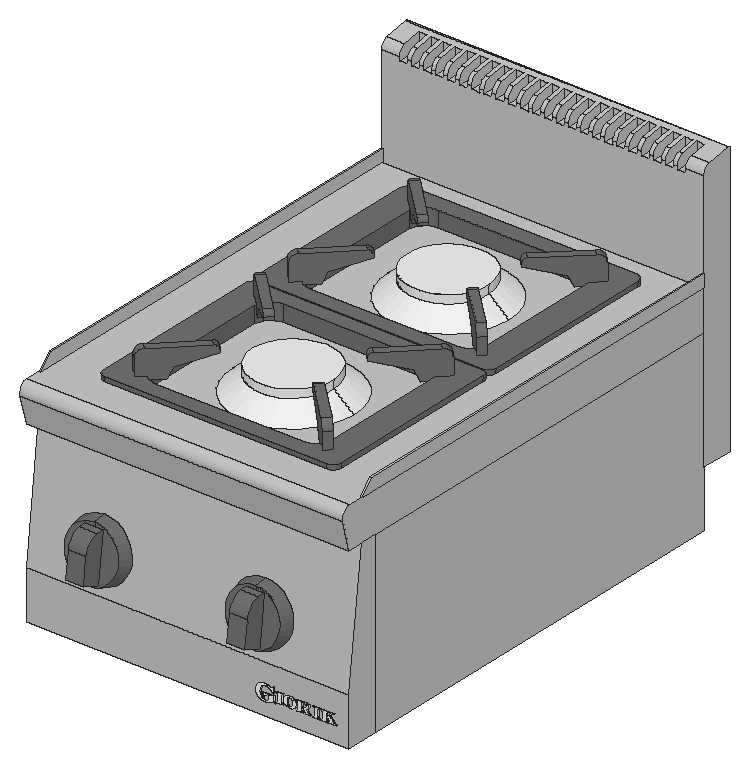
Revit family "QF_GIORIK_LPG4920", category Specialty Equipment, Revit 2014
Parameters (values of type "LPG4920")
  Weight in Pounds = 44.0924
  URL Cutsheet = "www.giorik.com"
  URL = "www.giorik.com"
  Status [instance] = ""
  Specification by User [instance] = ""
  Specification by Manufacturer = ""
  Show Logo [instance] = yes
  Show Clearance [instance] = yes
  Serial Number = ""
  Seismic Rating = ""
  SMACNA No = ""
  Revision Code [instance] = ""
  NAFEM Spec ID Number = ""
  Model = "LPG4920"
  Mechanical Remarks [instance] = "Natural Gas"
  Mechanical Connection Type [instance] = ""
  Masterspec = ""
  Manufacturer = "GIORIK"
  Item Number [instance] = ""
  Installed By [instance] = ""
  Identify Quantity as Lot [instance] = no
  Gas Size = 1"
  Gas RI Height [instance] = 0 mm
  Gas KW = 9.5
  Gas Input = 9500 W
  Gas Connection Height [instance] = 45 mm
  Furnished By [instance] = ""
  Foodservice Equipment Identifier [instance] = yes
  Description = "COOKING TOPS"
  CSI MasterFormat = ""
  Assembly Code = "E1090320"
Reference planes
  plane 1 "Back": y = 0
  plane 2: z = 0
  plane 3 "Left": x = 0
  plane 4 "Right": x = 400
  plane 5 "Front": y = -600
  plane 6 "Top": z = 430
Forms (mm)
  Extrusion 1, solid
    sketch origin (0, 1000, -580) x (0, 1, 0) y (0, 0, 1)
      loop
        line (-1040.007, 869.975) -> (-1589.445, 869.975)
        arc (-1589.445, 869.975) -> (-1598.171, 865.672) -> (-1600.069, 856.13) r 10.999
        line (-1600.069, 856.13) -> (-1590.388, 820) -> (-1040.007, 820) -> (-1040.007, 869.975)
    from 0 to 400
  Extrusion 2, solid
    sketch origin (-10, -646.5, -557.014) x (1, 0, 0) y (0, 1, 0)
      loop
        arc (62.5, 110) -> (65.429, 102.929) -> (72.5, 100) r 10
        line (72.5, 100) -> (347.5, 100)
        arc (347.5, 100) -> (354.571, 102.929) -> (357.5, 110) r 10
        line (357.5, 110) -> (357.5, 330)
        arc (357.5, 330) -> (354.571, 337.071) -> (347.5, 340) r 10
        line (347.5, 340) -> (72.5, 340)
        arc (72.5, 340) -> (65.429, 337.071) -> (62.5, 330) r 10
        line (62.5, 330) -> (62.5, 110)
      loop
        line (117.5, 120) -> (302.5, 120)
        arc (302.5, 120) -> (316.642, 125.858) -> (322.5, 140) r 20
        line (322.5, 140) -> (322.5, 300)
        arc (322.5, 300) -> (316.642, 314.142) -> (302.5, 320) r 20
        line (302.5, 320) -> (117.5, 320)
        arc (117.5, 320) -> (103.358, 314.142) -> (97.5, 300) r 20
        line (97.5, 300) -> (97.5, 140)
        arc (97.5, 140) -> (103.358, 125.858) -> (117.5, 120) r 20
    from 831.989 to 851.989
  Extrusion 3, solid
    sketch origin (-10, 33.5, -557.014) x (1, 0, 0) y (0, 1, 0)
      loop
        line (62.5, -110) -> (62.5, -330)
        arc (62.5, -330) -> (65.429, -337.071) -> (72.5, -340) r 10
        line (72.5, -340) -> (347.5, -340)
        arc (347.5, -340) -> (354.571, -337.071) -> (357.5, -330) r 10
        line (357.5, -330) -> (357.5, -110)
        arc (357.5, -110) -> (354.571, -102.929) -> (347.5, -100) r 10
        line (347.5, -100) -> (72.5, -100)
        arc (72.5, -100) -> (65.429, -102.929) -> (62.5, -110) r 10
      loop
        arc (117.5, -120) -> (103.358, -125.858) -> (97.5, -140) r 20
        line (97.5, -140) -> (97.5, -300)
        arc (97.5, -300) -> (103.358, -314.142) -> (117.5, -320) r 20
        line (117.5, -320) -> (302.5, -320)
        arc (302.5, -320) -> (316.642, -314.142) -> (322.5, -300) r 20
        line (322.5, -300) -> (322.5, -140)
        arc (322.5, -140) -> (316.642, -125.858) -> (302.5, -120) r 20
        line (302.5, -120) -> (117.5, -120)
    from 831.989 to 851.989
  Extrusion 4, solid
    sketch origin (0, 0, -560) x (0, 1, 0) y (0, 0, 1)
      loop
        line (-570.06, 849.975) -> (-40.007, 849.975) -> (-40.007, 865.387) -> (-554.648, 865.387) -> (-570.06, 849.975)
    from 0 to 1.85
  Extrusion 5, solid
    sketch origin (0, 0, -560) x (0, 1, 0) y (0, 0, 1)
      loop
        line (-40.007, 800) -> (-550, 800) -> (-550, 580) -> (-40.007, 580) -> (-40.007, 800)
    from 0 to 400
  Extrusion 6, solid
    sketch origin (0, 0, -560) x (0, 1, 0) y (0, 0, 1)
      loop
        line (-550, 800) -> (-570.5, 800) -> (-590, 640) -> (-590, 580) -> (-550, 580) -> (-550, 800)
    from 0 to 400
  Revolve 7, solid
    sketch origin (100.155, -0.544, -560.03) x (0, 1, 0) y (0, 0, 1)
      loop
        line (-598.03, 706.389) -> (-594.27, 737.013) -> (-609.648, 734.852) -> (-613.772, 701.269) -> (-581.482, 697.305) -> (-580.629, 704.252) -> (-598.03, 706.389)
      axis (-581.482, 697.305) -> (-613.772, 701.269)
    angle from 0 to 360
  Extrusion 8, solid
    sketch origin (398.094, 0, -560) x (0, 1, 0) y (0, 0, 1)
      loop
        line (-570.06, 849.975) -> (-40.007, 849.975) -> (-40.007, 865.387) -> (-554.648, 865.387) -> (-570.06, 849.975)
    from -0.15 to 1.906
  Extrusion 9, solid
    sketch origin (0, 0, -560) x (0, 1, 0) y (0, 0, 1)
      loop
        line (-40.007, 974.217) -> (-40.007, 650.827) -> (0, 650.827) -> (0, 988.42)
        arc (0, 988.42) -> (-0.57, 989.648) -> (-1.878, 990) r 1.6
        line (-1.878, 990) -> (-31.072, 984.852)
        arc (-31.072, 984.852) -> (-37.477, 981.162) -> (-40.007, 974.217) r 10.797
    from 0 to 400
  Extrusion 10, solid
    sketch origin (350.981, -109.39, -577.822) x (-0.707107, -0.707107, 0) y (0, 0, 1)
      loop
        line (85.748, 902.808) -> (18.548, 902.808)
        arc (18.548, 902.808) -> (11.477, 899.879) -> (8.548, 892.808) r 10
        line (8.548, 892.808) -> (8.548, 867.797) -> (40.514, 867.797) -> (46.895, 881.064) -> (91.748, 893.808) -> (91.748, 896.808)
        arc (91.748, 896.808) -> (89.991, 901.051) -> (85.748, 902.808) r 6
    from 30.148 to 40.148
  Extrusion 11, solid
    sketch origin (350.981, -265.882, -577.822) x (-0.707107, 0.707107, 0) y (0, 0, -1)
      loop
        arc (85.748, -902.808) -> (89.991, -901.051) -> (91.748, -896.808) r 6
        line (91.748, -896.808) -> (91.748, -893.808) -> (46.895, -881.064) -> (40.514, -867.797) -> (8.548, -867.797) -> (8.548, -892.808)
        arc (8.548, -892.808) -> (11.477, -899.879) -> (18.548, -902.808) r 10
        line (18.548, -902.808) -> (85.748, -902.808)
    from 30.148 to 40.148
  Extrusion 12, solid
    sketch origin (48.995, -109.39, -577.822) x (0.707107, -0.707107, 0) y (0, 0, -1)
      loop
        arc (85.748, -902.808) -> (89.991, -901.051) -> (91.748, -896.808) r 6
        line (91.748, -896.808) -> (91.748, -893.808) -> (46.895, -881.064) -> (40.514, -867.797) -> (8.548, -867.797) -> (8.548, -892.808)
        arc (8.548, -892.808) -> (11.477, -899.879) -> (18.548, -902.808) r 10
        line (18.548, -902.808) -> (85.748, -902.808)
    from 30.148 to 40.148
  Extrusion 13, solid
    sketch origin (48.995, -265.882, -577.822) x (0.707107, 0.707107, 0) y (0, 0, 1)
      loop
        line (85.748, 902.808) -> (18.548, 902.808)
        arc (18.548, 902.808) -> (11.477, 899.879) -> (8.548, 892.808) r 10
        line (8.548, 892.808) -> (8.548, 867.797) -> (40.514, 867.797) -> (46.895, 881.064) -> (91.748, 893.808) -> (91.748, 896.808)
        arc (91.748, 896.808) -> (89.991, 901.051) -> (85.748, 902.808) r 6
    from 30.148 to 40.148
  Extrusion 14, solid
    sketch origin (350.981, -348.09, -577.822) x (-0.707107, -0.707107, 0) y (0, 0, 1)
      loop
        line (85.748, 902.808) -> (18.548, 902.808)
        arc (18.548, 902.808) -> (11.477, 899.879) -> (8.548, 892.808) r 10
        line (8.548, 892.808) -> (8.548, 867.797) -> (40.514, 867.797) -> (46.895, 881.064) -> (91.748, 893.808) -> (91.748, 896.808)
        arc (91.748, 896.808) -> (89.991, 901.051) -> (85.748, 902.808) r 6
    from 30.148 to 40.148
  Extrusion 15, solid
    sketch origin (350.981, -504.882, -577.822) x (-0.707107, 0.707107, 0) y (0, 0, -1)
      loop
        arc (85.748, -902.808) -> (89.991, -901.051) -> (91.748, -896.808) r 6
        line (91.748, -896.808) -> (91.748, -893.808) -> (46.895, -881.064) -> (40.514, -867.797) -> (8.548, -867.797) -> (8.548, -892.808)
        arc (8.548, -892.808) -> (11.477, -899.879) -> (18.548, -902.808) r 10
        line (18.548, -902.808) -> (85.748, -902.808)
    from 30.148 to 40.148
  Extrusion 16, solid
    sketch origin (48.995, -348.09, -577.822) x (0.707107, -0.707107, 0) y (0, 0, -1)
      loop
        arc (85.748, -902.808) -> (89.991, -901.051) -> (91.748, -896.808) r 6
        line (91.748, -896.808) -> (91.748, -893.808) -> (46.895, -881.064) -> (40.514, -867.797) -> (8.548, -867.797) -> (8.548, -892.808)
        arc (8.548, -892.808) -> (11.477, -899.879) -> (18.548, -902.808) r 10
        line (18.548, -902.808) -> (85.748, -902.808)
    from 30.148 to 40.148
  Extrusion 17, solid
    sketch origin (48.995, -504.882, -577.822) x (0.707107, 0.707107, 0) y (0, 0, 1)
      loop
        line (85.748, 902.808) -> (18.548, 902.808)
        arc (18.548, 902.808) -> (11.477, 899.879) -> (8.548, 892.808) r 10
        line (8.548, 892.808) -> (8.548, 867.797) -> (40.514, 867.797) -> (46.895, 881.064) -> (91.748, 893.808) -> (91.748, 896.808)
        arc (91.748, 896.808) -> (89.991, 901.051) -> (85.748, 902.808) r 6
    from 30.148 to 40.148
  Extrusion 18, void
    sketch origin (-101, 10, 430) x (0, 1, 0) y (-1, 0, 0)
      loop
        line (-91.5, -171) -> (-541.5, -171) -> (-541.5, -431) -> (-91.5, -431) -> (-91.5, -171)
    from -155.025 to -140.025
  Blend 19, solid
    base sketch origin (-0.046, 89.949, 344.975) x (0, 1, 0) y (-1, 0, 0)
      loop
        circle (-276.449, -200.046) r 75
    top sketch origin (-0.046, 89.949, 344.975) x (0, 1, 0) y (-1, 0, 0)
      loop
        circle (-276.449, -200.046) r 50
    from -70 to -50
  Extrusion 20, solid
    sketch origin (-0.046, -462.949, -585.012) x (1, 0, 0) y (0, 1, 0)
      loop
        circle (200.046, 276.449) r 50
    from 889.988 to 879.988
  Blend 21, solid
    base sketch origin (-0.046, -150.051, 344.975) x (0, 1, 0) y (-1, 0, 0)
      loop
        circle (-276.449, -200.046) r 75
    top sketch origin (-0.046, -150.051, 344.975) x (0, 1, 0) y (-1, 0, 0)
      loop
        circle (-276.449, -200.046) r 50
    from -70 to -50
  Extrusion 22, solid
    sketch origin (-0.046, -702.949, -585.012) x (1, 0, 0) y (0, 1, 0)
      loop
        circle (200.046, 276.449) r 50
    from 889.988 to 879.988
  Extrusion 23, solid
    sketch origin (-62.831, -0.544, -560.03) x (0, 1, 0) y (0, 0, 1)
      loop
        line (-635.843, 711.553) -> (-639.647, 680.575) -> (-617.415, 671.593) -> (-610.135, 730.882) -> (-617.934, 729.786)
        arc (-617.934, 729.786) -> (-629.982, 723.708) -> (-635.843, 711.553) r 20.998
    from 151.831 to 173.831
  Revolve 24, solid
    sketch origin (300.155, -0.544, -560.03) x (0, 1, 0) y (0, 0, 1)
      loop
        line (-598.03, 706.389) -> (-594.27, 737.013) -> (-609.648, 734.852) -> (-613.772, 701.269) -> (-581.482, 697.305) -> (-580.629, 704.252) -> (-598.03, 706.389)
      axis (-581.482, 697.305) -> (-613.772, 701.269)
    angle from 0 to 360
  Extrusion 25, solid
    sketch origin (137.169, -0.544, -560.03) x (0, 1, 0) y (0, 0, 1)
      loop
        line (-635.843, 711.553) -> (-639.647, 680.575) -> (-617.415, 671.593) -> (-610.135, 730.882) -> (-617.934, 729.786)
        arc (-617.934, 729.786) -> (-629.982, 723.708) -> (-635.843, 711.553) r 20.998
    from 151.831 to 173.831
  Extrusion 26, solid
    sketch origin (103.819, 0, -561) x (1, 0, 0) y (0, 0, 1)
      loop
        circle (-38.319, 606) r 12.5
    from 20.007 to 40.007
  Extrusion 27, solid, visible <- "Show Logo"
    sketch origin (191.604, -590.5, -6.113) x (-1, 0, 0) y (0, 0, 1)
      loop
        line (-118.824, 58.358) -> (-127.804, 58.358) -> (-125.523, 56.445) -> (-125.523, 48.027) -> (-127.804, 46.113) -> (-118.824, 46.113) -> (-121.105, 48.027) -> (-121.105, 56.445) -> (-118.824, 58.358)
      loop
        line (-163.721, 58.358) -> (-172.7, 58.358) -> (-170.42, 56.445) -> (-170.42, 48.027) -> (-172.7, 46.113) -> (-163.721, 46.113) -> (-166.001, 48.027) -> (-166.001, 56.445) -> (-163.721, 58.358)
      loop
        line (-174.332, 58.358) -> (-183.312, 58.358) -> (-181.031, 56.445) -> (-181.031, 52.435) -> (-186.419, 56.955) -> (-184.416, 58.358) -> (-191.268, 58.358) -> (-188.01, 56.839) -> (-185.455, 54.283) -> (-190.846, 47.858) -> (-193.396, 46.93) -> (-193.396, 46.113) -> (-184.416, 46.113) -> (-185.437, 47.571) -> (-182.443, 51.552) -> (-181.031, 50.894) -> (-181.031, 48.027) -> (-183.312, 46.113) -> (-174.332, 46.113) -> (-176.613, 48.027) -> (-176.613, 56.445) -> (-174.332, 58.358)
      loop
        line (-115.429, 62.063) -> (-115.429, 54.198)
        arc (-115.429, 54.198) -> (-111.618, 57.803) -> (-106.847, 59.986) r 16.039
        arc (-106.847, 59.986) -> (-103.314, 59.837) -> (-100.512, 57.68) r 5.851
        arc (-100.512, 57.68) -> (-98.815, 52.267) -> (-100.512, 46.853) r 9.479
        arc (-100.512, 46.853) -> (-102.406, 44.986) -> (-104.846, 43.93) r 7.236
        arc (-104.846, 43.93) -> (-107.728, 44.111) -> (-110.052, 45.825) r 5.11
        line (-110.052, 45.825) -> (-110.052, 52.001) -> (-116.141, 52.001) -> (-116.141, 45.503) -> (-117.893, 43.751) -> (-114.094, 44.769)
        arc (-114.094, 44.769) -> (-112.56, 44.947) -> (-111.129, 44.366) r 3.115
        arc (-111.129, 44.366) -> (-104.216, 42.091) -> (-97.303, 44.366) r 11.641
        arc (-97.303, 44.366) -> (-93.396, 52.107) -> (-97.303, 59.849) r 9.622
        arc (-97.303, 59.849) -> (-104.369, 62.174) -> (-111.435, 59.849) r 11.898
        line (-111.435, 59.849) -> (-115.429, 62.063)
      loop
        arc (-129.234, 56.068) -> (-135.893, 58.628) -> (-142.552, 56.068) r 9.941
        arc (-142.552, 56.068) -> (-144.234, 52.286) -> (-142.552, 48.505) r 5.093
        arc (-142.552, 48.505) -> (-135.893, 45.945) -> (-129.234, 48.505) r 9.941
        arc (-129.234, 48.505) -> (-127.552, 52.286) -> (-129.234, 56.068) r 5.093
      loop
        arc (-132.628, 54.403) -> (-135.893, 57.668) -> (-139.158, 54.403) r 3.265
        line (-139.158, 54.403) -> (-139.158, 50.169)
        arc (-139.158, 50.169) -> (-135.893, 46.904) -> (-132.628, 50.169) r 3.265
        line (-132.628, 50.169) -> (-132.628, 54.403)
      loop
        arc (-156.363, 58.365) -> (-159.647, 55.081) -> (-156.363, 51.796) r 3.285
        line (-156.363, 51.796) -> (-159.529, 47.306) -> (-162.087, 46.113) -> (-155.847, 46.113) -> (-153.529, 51.083) -> (-150.637, 51.083) -> (-150.637, 47.784) -> (-153.022, 46.113) -> (-144.011, 46.113) -> (-146.094, 47.68) -> (-146.094, 56.493) -> (-144.229, 58.365) -> (-156.363, 58.365)
      loop
        line (-150.637, 57.512) -> (-153.637, 57.512)
        arc (-153.637, 57.512) -> (-156.237, 54.912) -> (-153.637, 52.312) r 2.6
        line (-153.637, 52.312) -> (-150.637, 52.312) -> (-150.637, 57.512)
      loop
        line (-108.924, 52.001) -> (-104.936, 49.005) -> (-100.948, 52.001) -> (-108.924, 52.001)
    from 1.5 to -0.5
  Extrusion 28, void
    sketch origin (7.5, 0, 430) x (0, 1, 0) y (-1, 0, 0)
      loop
        line (-40.007, -25) -> (-9.931, -25) -> (-9.931, -15) -> (-40.007, -15) -> (-40.007, -25)
      loop
        line (-40.007, -40) -> (-9.931, -40) -> (-9.931, -30) -> (-40.007, -30) -> (-40.007, -40)
      loop
        line (-40.007, -55) -> (-9.931, -55) -> (-9.931, -45) -> (-40.007, -45) -> (-40.007, -55)
      loop
        line (-40.007, -70) -> (-9.931, -70) -> (-9.931, -60) -> (-40.007, -60) -> (-40.007, -70)
      loop
        line (-40.007, -85) -> (-9.931, -85) -> (-9.931, -75) -> (-40.007, -75) -> (-40.007, -85)
      loop
        line (-40.007, -100) -> (-9.931, -100) -> (-9.931, -90) -> (-40.007, -90) -> (-40.007, -100)
      loop
        line (-40.007, -115) -> (-9.931, -115) -> (-9.931, -105) -> (-40.007, -105) -> (-40.007, -115)
      loop
        line (-40.007, -130) -> (-9.931, -130) -> (-9.931, -120) -> (-40.007, -120) -> (-40.007, -130)
      loop
        line (-40.007, -145) -> (-9.931, -145) -> (-9.931, -135) -> (-40.007, -135) -> (-40.007, -145)
      loop
        line (-40.007, -160) -> (-9.931, -160) -> (-9.931, -150) -> (-40.007, -150) -> (-40.007, -160)
      loop
        line (-40.007, -175) -> (-9.931, -175) -> (-9.931, -165) -> (-40.007, -165) -> (-40.007, -175)
      loop
        line (-40.007, -190) -> (-9.931, -190) -> (-9.931, -180) -> (-40.007, -180) -> (-40.007, -190)
      loop
        line (-40.007, -205) -> (-9.931, -205) -> (-9.931, -195) -> (-40.007, -195) -> (-40.007, -205)
      loop
        line (-40.007, -220) -> (-9.931, -220) -> (-9.931, -210) -> (-40.007, -210) -> (-40.007, -220)
      loop
        line (-40.007, -235) -> (-9.931, -235) -> (-9.931, -225) -> (-40.007, -225) -> (-40.007, -235)
      loop
        line (-40.007, -250) -> (-9.931, -250) -> (-9.931, -240) -> (-40.007, -240) -> (-40.007, -250)
      loop
        line (-40.007, -265) -> (-9.931, -265) -> (-9.931, -255) -> (-40.007, -255) -> (-40.007, -265)
      loop
        line (-40.007, -280) -> (-9.931, -280) -> (-9.931, -270) -> (-40.007, -270) -> (-40.007, -280)
      loop
        line (-40.007, -295) -> (-9.931, -295) -> (-9.931, -285) -> (-40.007, -285) -> (-40.007, -295)
      loop
        line (-40.007, -310) -> (-9.931, -310) -> (-9.931, -300) -> (-40.007, -300) -> (-40.007, -310)
      loop
        line (-40.007, -325) -> (-9.931, -325) -> (-9.931, -315) -> (-40.007, -315) -> (-40.007, -325)
      loop
        line (-40.007, -340) -> (-9.931, -340) -> (-9.931, -330) -> (-40.007, -330) -> (-40.007, -340)
      loop
        line (-40.007, -355) -> (-9.931, -355) -> (-9.931, -345) -> (-40.007, -345) -> (-40.007, -355)
      loop
        line (-40.007, -370) -> (-9.931, -370) -> (-9.931, -360) -> (-40.007, -360) -> (-40.007, -370)
    from 0 to -20
  Extrusion 29, solid
    sketch origin (566.603, 15.293, -30) x (0, 1, 0) y (-1, 0, 0)
      loop
        circle (-79.293, 516.603) r 5
    from 41.965 to 50
  Revolve 30, solid
    sketch origin (50, 19.943, -600) x (0, 1, 0) y (0, 0, 1)
      loop
        line (-83.943, 611.965) -> (-94.752, 611.965) -> (-97.943, 600) -> (-83.943, 600) -> (-83.943, 611.965)
      axis (-83.943, 611.965) -> (-83.943, 600)
    angle from 0 to 360
  Extrusion 31, solid
    sketch origin (-166.603, 15.293, -30) x (0, 1, 0) y (-1, 0, 0)
      loop
        circle (-79.293, -516.603) r 5
    from 41.965 to 50
  Revolve 32, solid
    sketch origin (350, 19.943, -600) x (0, 1, 0) y (0, 0, -1)
      loop
        line (-83.943, -611.965) -> (-83.943, -600) -> (-97.943, -600) -> (-94.752, -611.965) -> (-83.943, -611.965)
      axis (-83.943, -611.965) -> (-83.943, -600)
    angle from 0 to 360
  Extrusion 33, solid
    sketch origin (566.603, -459.707, -30) x (0, 1, 0) y (-1, 0, 0)
      loop
        circle (-79.293, 516.603) r 5
    from 41.965 to 50
  Revolve 34, solid
    sketch origin (50, -455.057, -600) x (0, 1, 0) y (0, 0, 1)
      loop
        line (-83.943, 611.965) -> (-94.752, 611.965) -> (-97.943, 600) -> (-83.943, 600) -> (-83.943, 611.965)
      axis (-83.943, 611.965) -> (-83.943, 600)
    angle from 0 to 360
  Extrusion 35, solid
    sketch origin (-166.603, -459.707, -30) x (0, 1, 0) y (-1, 0, 0)
      loop
        circle (-79.293, -516.603) r 5
    from 41.965 to 50
  Revolve 36, solid
    sketch origin (350, -455.057, -600) x (0, 1, 0) y (0, 0, -1)
      loop
        line (-83.943, -611.965) -> (-83.943, -600) -> (-97.943, -600) -> (-94.752, -611.965) -> (-83.943, -611.965)
      axis (-83.943, -611.965) -> (-83.943, -600)
    angle from 0 to 360
Cuts and joins
  Extrusion 18 cuts Extrusion 1
  Extrusion 28 cuts Extrusion 9
Lines and regions (mm)
  symbolic lines, style "200-EquipBorder-2D"
    curve 1: line (400, 0, 0) -> (0, 0, 0)
    curve 2: line (0, 0, 0) -> (0, -600, 0)
    curve 134: line (0, -600, 430) -> (400, -600, 430)
    curve 135: line (400, -600, 430) -> (400, 0, 430)
    curve 161: spline (89, -618.202, 990) -> (85.789, -618.041, 990) -> (82.73, -617.841, 990) -> (79.856, -617.604, 990) -> (77.196, -617.332, 990) -> (74.779, -617.028, 990) -> (72.63, -616.696, 990) -> (70.772, -616.338, 990) -> (69.225, -615.96, 990) -> (68.004, -615.563, 990) -> (67.122, -615.154, 990) -> (66.59, -614.736, 990) -> (66.412, -614.313, 990)
    curve 162: spline (134.073, -614.408, 990) -> (133.819, -614.826, 990) -> (133.218, -615.239, 990) -> (132.275, -615.643, 990) -> (131.001, -616.033, 990) -> (129.408, -616.405, 990) -> (127.513, -616.755, 990) -> (125.336, -617.08, 990) -> (122.898, -617.376, 990) -> (120.227, -617.641, 990) -> (117.348, -617.871, 990) -> (114.293, -618.065, 990) -> (111.091, -618.219, 990)
    curve 163: line (66.412, -614.313, 990) -> (62.459, -600, 990)
    curve 164: line (134.073, -614.408, 990) -> (137.839, -600, 990)
    curve 165: line (89, -640.19, 430) -> (89, -610.679, 430)
    curve 166: line (89, -640.19, 430) -> (111, -640.19, 430)
    curve 167: line (111, -640.19, 430) -> (111, -610.679, 430)
    curve 168: spline (66.412, -614.313, 430) -> (67.564, -613.264, 430) -> (70.941, -612.286, 430) -> (76.314, -611.446, 430) -> (83.316, -610.802, 430) -> (91.47, -610.396, 430) -> (100.22, -610.258, 430) -> (108.97, -610.396, 430) -> (117.124, -610.802, 430) -> (124.126, -611.446, 430) -> (129.499, -612.286, 430) -> (132.877, -613.264, 430) -> (134.029, -614.313, 430)
    curve 169: line (89, -610.679, 430) -> (111, -610.679, 430)
    curve 170: spline (289, -618.202, 990) -> (285.789, -618.041, 990) -> (282.73, -617.841, 990) -> (279.856, -617.604, 990) -> (277.196, -617.332, 990) -> (274.779, -617.028, 990) -> (272.63, -616.696, 990) -> (270.772, -616.338, 990) -> (269.225, -615.96, 990) -> (268.004, -615.563, 990) -> (267.122, -615.154, 990) -> (266.59, -614.736, 990) -> (266.412, -614.313, 990)
    curve 171: spline (334.073, -614.408, 990) -> (333.819, -614.826, 990) -> (333.218, -615.239, 990) -> (332.275, -615.643, 990) -> (331.001, -616.033, 990) -> (329.408, -616.405, 990) -> (327.513, -616.755, 990) -> (325.336, -617.08, 990) -> (322.898, -617.376, 990) -> (320.227, -617.641, 990) -> (317.348, -617.871, 990) -> (314.293, -618.065, 990) -> (311.091, -618.219, 990)
    curve 172: line (266.412, -614.313, 990) -> (262.459, -600, 990)
    curve 173: line (334.073, -614.408, 990) -> (337.839, -600, 990)
    curve 174: line (289, -640.19, 430) -> (289, -610.679, 430)
    curve 175: line (289, -640.19, 430) -> (311, -640.19, 430)
    curve 176: line (311, -640.19, 430) -> (311, -610.679, 430)
    curve 177: spline (266.412, -614.313, 430) -> (267.564, -613.264, 430) -> (270.941, -612.286, 430) -> (276.314, -611.446, 430) -> (283.316, -610.802, 430) -> (291.47, -610.396, 430) -> (300.22, -610.258, 430) -> (308.97, -610.396, 430) -> (317.124, -610.802, 430) -> (324.126, -611.446, 430) -> (329.499, -612.286, 430) -> (332.877, -613.264, 430) -> (334.029, -614.313, 430)
    curve 178: line (289, -610.679, 430) -> (311, -610.679, 430)
  symbolic lines, style "200-EquipInternal-2D"
    curve 3: line (400, -40.007, 430) -> (0, -40.007, 430)
    curve 4: line (52.5, -76.5, 430) -> (52.5, -296.5, 430)
    curve 5: line (337.5, -66.5, 430) -> (62.5, -66.5, 430)
    curve 6: line (312.5, -105.236, 430) -> (312.5, -270.036, 430)
    curve 7: arc (125, -186.5, 430) -> (127.206, -168.445, 430) -> (133.693, -151.452, 430) r 75
    curve 8: arc (275, -186.5, 430) -> (272.586, -205.375, 430) -> (265.499, -223.035, 430) r 75
    curve 9: line (83.428, -87.046, 430) -> (76.357, -94.117, 430)
    curve 10: line (76.357, -94.117, 430) -> (135.189, -152.948, 430)
    curve 11: line (142.26, -145.877, 430) -> (83.428, -87.046, 430)
    curve 12: line (135.189, -152.948, 430) -> (142.26, -145.877, 430)
    curve 13: arc (250, -186.5, 430) -> (200, -136.5, 430) -> (150, -186.5, 430) r 50
    curve 14: arc (150, -186.5, 430) -> (200, -236.5, 430) -> (250, -186.5, 430) r 50
    curve 15: line (62.5, -306.5, 430) -> (337.5, -306.5, 430)
    curve 16: line (76.357, -281.155, 430) -> (83.428, -288.226, 430)
    curve 17: line (135.189, -222.324, 430) -> (76.357, -281.155, 430)
    curve 18: line (83.428, -288.226, 430) -> (142.26, -229.395, 430)
    curve 19: line (142.26, -229.395, 430) -> (135.189, -222.324, 430)
    curve 20: line (257.717, -145.877, 430) -> (264.788, -152.948, 430)
    curve 21: line (316.548, -87.046, 430) -> (257.717, -145.877, 430)
    curve 22: line (264.788, -152.948, 430) -> (323.619, -94.117, 430)
    curve 23: line (257.717, -229.395, 430) -> (316.548, -288.226, 430)
    curve 24: line (323.619, -281.155, 430) -> (264.788, -222.324, 430)
    curve 25: line (323.619, -94.117, 430) -> (316.548, -87.046, 430)
    curve 26: line (264.788, -222.324, 430) -> (257.717, -229.395, 430)
    curve 27: line (316.548, -288.226, 430) -> (323.619, -281.155, 430)
    curve 28: line (62.5, -546.5, 430) -> (337.5, -546.5, 430)
    curve 29: line (76.357, -520.155, 430) -> (83.428, -527.226, 430)
    curve 30: line (83.428, -527.226, 430) -> (142.26, -468.395, 430)
    curve 31: line (135.189, -461.324, 430) -> (76.357, -520.155, 430)
    curve 32: line (142.26, -468.395, 430) -> (135.189, -461.324, 430)
    curve 33: arc (275, -426.5, 430) -> (272.678, -445.019, 430) -> (265.855, -462.391, 430) r 75
    curve 34: line (316.548, -527.226, 430) -> (323.619, -520.155, 430)
    curve 35: line (323.619, -520.155, 430) -> (264.788, -461.324, 430)
    curve 36: line (257.717, -468.395, 430) -> (316.548, -527.226, 430)
    curve 37: line (264.788, -461.324, 430) -> (257.717, -468.395, 430)
    curve 38: arc (150, -426.5, 430) -> (200, -476.5, 430) -> (250, -426.5, 430) r 50
    curve 39: arc (125, -426.5, 430) -> (127.323, -407.98, 430) -> (134.147, -390.606, 430) r 75
    curve 40: arc (250, -426.5, 430) -> (200, -376.5, 430) -> (150, -426.5, 430) r 50
    curve 41: line (135.189, -391.648, 430) -> (142.26, -384.577, 430)
    curve 42: line (142.26, -384.577, 430) -> (83.428, -325.746, 430)
    curve 43: line (76.357, -332.817, 430) -> (135.189, -391.648, 430)
    curve 44: line (83.428, -325.746, 430) -> (76.357, -332.817, 430)
    curve 45: line (312.5, -343.936, 430) -> (312.5, -509.036, 430)
    curve 46: line (257.717, -384.577, 430) -> (264.788, -391.648, 430)
    curve 47: line (316.548, -325.746, 430) -> (257.717, -384.577, 430)
    curve 48: line (264.788, -391.648, 430) -> (323.619, -332.817, 430)
    curve 49: line (323.619, -332.817, 430) -> (316.548, -325.746, 430)
    curve 50: line (397.944, -570.06, 430) -> (400, -570.06, 430)
    curve 51: line (397.944, -40.007, 430) -> (397.944, -570.06, 430)
    curve 52: arc (139.651, -381.969, 430) -> (199.992, -351.5, 430) -> (260.339, -381.955, 430) r 75
    curve 53: arc (134.137, -462.376, 430) -> (127.32, -445.01, 430) -> (125, -426.5, 430) r 75
    curve 54: arc (260.351, -471.029, 430) -> (199.992, -501.5, 430) -> (139.64, -471.015, 430) r 75
    curve 55: arc (265.845, -390.591, 430) -> (272.675, -407.971, 430) -> (275, -426.5, 430) r 75
    curve 56: arc (266.299, -151.437, 430) -> (272.792, -168.437, 430) -> (275, -186.5, 430) r 75
    curve 57: arc (259.924, -231.602, 430) -> (199.992, -261.5, 430) -> (140.066, -231.588, 430) r 75
    curve 58: arc (134.492, -223.02, 430) -> (127.412, -205.367, 430) -> (125, -186.5, 430) r 75
    curve 59: arc (139.103, -142.721, 430) -> (199.992, -111.5, 430) -> (260.887, -142.707, 430) r 75
    curve 60: line (0, -570.06, 430) -> (1.85, -570.06, 430)
    curve 61: line (1.85, -570.06, 430) -> (1.85, -40.007, 430)
    curve 62: line (22.5, -9.931, 290) -> (22.5, -40.007, 290)
    curve 63: line (32.5, -40.007, 290) -> (32.5, -9.931, 290)
    curve 64: line (37.5, -9.931, 290) -> (37.5, -40.007, 290)
    curve 65: line (47.5, -40.007, 290) -> (47.5, -9.931, 290)
    curve 66: line (52.5, -9.931, 290) -> (52.5, -40.007, 290)
    curve 67: line (62.5, -40.007, 290) -> (62.5, -9.931, 290)
    curve 68: line (82.5, -9.931, 290) -> (82.5, -40.007, 290)
    curve 69: line (92.5, -40.007, 290) -> (92.5, -9.931, 290)
    curve 70: line (97.5, -9.931, 290) -> (97.5, -40.007, 290)
    curve 71: line (107.5, -40.007, 290) -> (107.5, -9.931, 290)
    curve 72: line (137.5, -40.007, 290) -> (137.5, -9.931, 290)
    curve 73: line (127.5, -9.931, 290) -> (127.5, -40.007, 290)
    curve 74: line (152.5, -40.007, 290) -> (152.5, -9.931, 290)
    curve 75: line (157.5, -9.931, 290) -> (157.5, -40.007, 290)
    curve 76: line (167.5, -40.007, 290) -> (167.5, -9.931, 290)
    curve 77: line (142.5, -9.931, 290) -> (142.5, -40.007, 290)
    curve 78: line (197.5, -40.007, 290) -> (197.5, -9.931, 290)
    curve 79: line (187.5, -9.931, 290) -> (187.5, -40.007, 290)
    curve 80: line (202.5, -9.931, 290) -> (202.5, -40.007, 290)
    curve 81: line (212.5, -40.007, 290) -> (212.5, -9.931, 290)
    curve 82: line (217.5, -9.931, 290) -> (217.5, -40.007, 290)
    curve 83: line (227.5, -40.007, 290) -> (227.5, -9.931, 290)
    curve 84: line (247.5, -9.931, 290) -> (247.5, -40.007, 290)
    curve 85: line (257.5, -40.007, 290) -> (257.5, -9.931, 290)
    curve 86: line (262.5, -9.931, 290) -> (262.5, -40.007, 290)
    curve 87: line (272.5, -40.007, 290) -> (272.5, -9.931, 290)
    curve 88: line (277.5, -9.931, 290) -> (277.5, -40.007, 290)
    curve 89: line (287.5, -40.007, 290) -> (287.5, -9.931, 290)
    curve 90: line (317.5, -40.007, 290) -> (317.5, -9.931, 290)
    curve 91: line (307.5, -9.931, 290) -> (307.5, -40.007, 290)
    curve 92: line (332.5, -40.007, 290) -> (332.5, -9.931, 290)
    curve 93: line (322.5, -9.931, 290) -> (322.5, -40.007, 290)
    curve 94: line (337.5, -9.931, 290) -> (337.5, -40.007, 290)
    curve 95: line (347.5, -40.007, 290) -> (347.5, -9.931, 290)
    curve 96: line (367.5, -9.931, 290) -> (367.5, -40.007, 290)
    curve 97: line (377.5, -40.007, 290) -> (377.5, -9.931, 290)
    curve 98: line (377.5, -9.931, 290) -> (367.5, -9.931, 290)
    curve 99: line (347.5, -9.931, 290) -> (337.5, -9.931, 290)
    curve 100: line (332.5, -9.931, 290) -> (322.5, -9.931, 290)
    curve 101: line (317.5, -9.931, 290) -> (307.5, -9.931, 290)
    curve 102: line (272.5, -9.931, 290) -> (262.5, -9.931, 290)
    curve 103: line (107.5, -9.931, 290) -> (97.5, -9.931, 290)
    curve 104: line (92.5, -9.931, 290) -> (82.5, -9.931, 290)
    curve 105: line (62.5, -9.931, 290) -> (52.5, -9.931, 290)
    curve 106: line (32.5, -9.931, 290) -> (22.5, -9.931, 290)
    curve 107: line (137.5, -9.931, 290) -> (127.5, -9.931, 290)
    curve 108: line (152.5, -9.931, 290) -> (142.5, -9.931, 290)
    curve 109: line (167.5, -9.931, 290) -> (157.5, -9.931, 290)
    curve 110: line (197.5, -9.931, 290) -> (187.5, -9.931, 290)
    curve 111: line (212.5, -9.931, 290) -> (202.5, -9.931, 290)
    curve 112: line (227.5, -9.931, 290) -> (217.5, -9.931, 290)
    curve 113: line (257.5, -9.931, 290) -> (247.5, -9.931, 290)
    curve 114: line (47.5, -9.931, 290) -> (37.5, -9.931, 290)
    curve 115: line (67.5, -9.931, 430) -> (67.5, -40.007, 430)
    curve 116: line (77.5, -40.007, 430) -> (77.5, -9.931, 430)
    curve 117: line (77.5, -9.931, 430) -> (67.5, -9.931, 430)
    curve 118: line (112.5, -9.931, 430) -> (112.5, -40.007, 430)
    curve 119: line (122.5, -40.007, 430) -> (122.5, -9.931, 430)
    curve 120: line (122.5, -9.931, 430) -> (112.5, -9.931, 430)
    curve 121: line (172.5, -9.931, 430) -> (172.5, -40.007, 430)
    curve 122: line (182.5, -40.007, 430) -> (182.5, -9.931, 430)
    curve 123: line (182.5, -9.931, 430) -> (172.5, -9.931, 430)
    curve 124: line (232.5, -9.931, 430) -> (232.5, -40.007, 430)
    curve 125: line (242.5, -40.007, 430) -> (242.5, -9.931, 430)
    curve 126: line (242.5, -9.931, 430) -> (232.5, -9.931, 430)
    curve 127: line (287.5, -9.931, 430) -> (277.5, -9.931, 430)
    curve 128: line (302.5, -9.931, 430) -> (292.5, -9.931, 430)
    curve 129: line (292.5, -9.931, 430) -> (292.5, -40.007, 430)
    curve 130: line (302.5, -40.007, 430) -> (302.5, -9.931, 430)
    curve 131: line (352.5, -9.931, 430) -> (352.5, -40.007, 430)
    curve 132: line (362.5, -40.007, 430) -> (362.5, -9.931, 430)
    curve 133: line (362.5, -9.931, 430) -> (352.5, -9.931, 430)
    curve 136: arc (52.5, -536.5, 430) -> (55.429, -543.571, 430) -> (62.5, -546.5, 430) r 10
    curve 137: line (52.5, -536.5, 430) -> (52.5, -316.5, 430)
    curve 138: arc (52.5, -296.5, 430) -> (55.429, -303.571, 430) -> (62.5, -306.5, 430) r 10
    curve 139: arc (62.5, -66.5, 430) -> (55.429, -69.429, 430) -> (52.5, -76.5, 430) r 10
    curve 140: line (347.5, -296.5, 430) -> (347.5, -76.5, 430)
    curve 141: arc (347.5, -76.5, 430) -> (344.571, -69.429, 430) -> (337.5, -66.5, 430) r 10
    curve 142: arc (347.5, -316.5, 430) -> (344.571, -309.429, 430) -> (337.5, -306.5, 430) r 10
    curve 143: line (347.5, -536.5, 430) -> (347.5, -316.5, 430)
    curve 144: arc (337.5, -546.5, 430) -> (344.571, -543.571, 430) -> (347.5, -536.5, 430) r 10
    curve 145: arc (62.5, -306.5, 430) -> (55.429, -309.429, 430) -> (52.5, -316.5, 430) r 10
    curve 146: line (87.5, -270.013, 430) -> (87.5, -105.259, 430)
    curve 147: line (87.5, -509.013, 430) -> (87.5, -343.959, 430)
    curve 148: arc (91.239, -94.856, 430) -> (98.359, -88.711, 430) -> (107.5, -86.5, 430) r 20
    curve 149: arc (292.5, -86.5, 430) -> (301.634, -88.707, 430) -> (308.751, -94.843, 430) r 20
    curve 150: arc (307.755, -279.434, 430) -> (300.906, -284.648, 430) -> (292.5, -286.5, 430) r 20
    curve 151: arc (107.5, -286.5, 430) -> (99.086, -284.644, 430) -> (92.234, -279.421, 430) r 20
    curve 152: arc (91.797, -334.114, 430) -> (98.774, -328.504, 430) -> (107.5, -326.5, 430) r 20
    curve 153: arc (292.5, -326.5, 430) -> (301.218, -328.5, 430) -> (308.193, -334.101, 430) r 20
    curve 154: arc (308.205, -518.883, 430) -> (301.227, -524.495, 430) -> (292.5, -526.5, 430) r 20
    curve 155: arc (107.5, -526.5, 430) -> (98.765, -524.492, 430) -> (91.785, -518.87, 430) r 20
    curve 156: arc (337.5, -306.5, 430) -> (344.571, -303.571, 430) -> (347.5, -296.5, 430) r 10
    curve 157: line (107.5, -86.5, 0) -> (292.5, -86.5, 0)
    curve 158: line (107.5, -286.5, 0) -> (292.5, -286.5, 0)
    curve 159: line (292.5, -326.5, 0) -> (107.5, -326.5, 0)
    curve 160: line (107.5, -526.5, 0) -> (292.5, -526.5, 0)
Dimensions and locks
  plane 3 "Left" to plane 4 "Right" = 400 mm
  plane 5 "Front" to plane 1 "Back" = 600 mm
  plane 4 "Right" to plane 3 "Left" = 400 mm
  plane 1 "Back" to plane 5 "Front" = 600 mm
  plane 6 "Top" to level = 430 mm  (x2)
  aligned and locked: level to plane 2
Connectors
  piping at (65.5, -20.007, 45), diameter 25.4, driven by "Gas Size"
    settings: on Extrusion 26, index 1, connector inside diameter 24", connector length 0 mm, flow factor 0, pipe flow 0.0 L/s, pressure drop 0.0 Pa, fitting loss kfactor 0, connector angle 0.00°, fixture units 0, engagement length 0 mm, angle of deflection 0.00°, flow configuration 1, flow direction 1, fitting loss method 0, system type 22, joint type 0, gender type 0, connector reference index -1, connector utility 0, adjustable connector no, is connector primary yes, connector description "Gas inlet"
